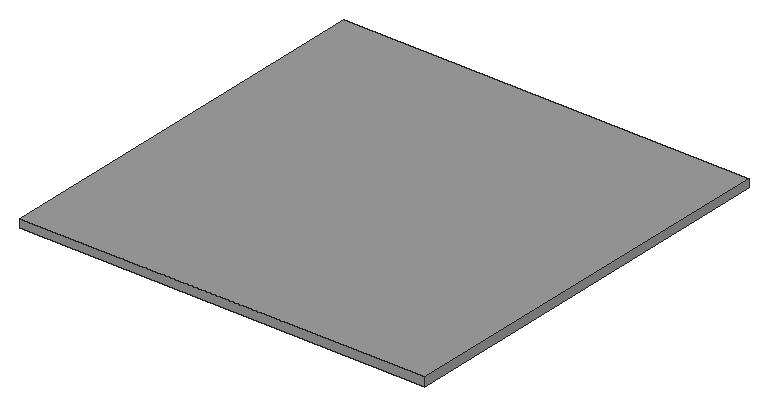
Revit family "WM-MN Suspended Ceiling 85mm Family", category Generic Models, host Ceiling, Revit 2017
Family settings
  Host = Ceiling
  Can host rebar = No
  Round Connector Dimension = Use Diameter
  Part Type = Normal
  Always vertical = Yes
  Cut with Voids When Loaded = No
  Shared = No
  Room Calculation Point = No
Parameters (values of type "Lambdaboard")
  Width = 4000 mm
  URL = "www.rigifoam.com"
  Type Comments = "duncan@rigifoam.com"
  Thermal Resistance = 3.5400 (m²·K)/W
  Thermal Conductivity = 0.0240 W/(m·K)
  Model = "WM/MN Suspended Ceiling 85mm"
  Material = Polyisocyanurate
  Manufacturer = "Lambdaboard"
  Length = 4000 mm
  Description = "Flexible PIR Insulation"
  Depth = 85 mm
  Density = 40.0000 kg/m³
Reference planes
  plane 1 "Center (Front/Back)": y = 0
  plane 2: z = 0
  plane 3 "Center (Left/Right)": x = 0
  plane 4 "Ceiling": z = 4000
Forms (mm)
  Extrusion 1, solid, material "Polyisocyanurate" <- "Material"
    sketch origin (0, 0, 4000) x (0, 1, 0) y (-1, 0, 0)
      loop
        line (2000, 2000) -> (-2000, 2000) -> (-2000, -2000) -> (2000, -2000) -> (2000, 2000)
    from -85 to 0
Dimensions and locks
  equal spacing: host sketch curve, plane 3 "Center (Left/Right)", host sketch curve
  equal spacing: host sketch curve, plane 1 "Center (Front/Back)", host sketch curve
  host sketch curve to host sketch curve = 4000 mm  (x2)
  plane 4 "Ceiling" to host ceiling = 0 mm
  equal spacing: Extrusion 1, plane 3 "Center (Left/Right)", Extrusion 1
  "Length": Extrusion 1 to Extrusion 1
  "Width": Extrusion 1 to Extrusion 1
  "Depth": Extrusion 1 to Extrusion 1
Automatic sketch dimensions
  plane 1 "Center (Front/Back)" to Extrusion 1 sketch curve = 2000 mm
  Extrusion 1 sketch curve to plane 1 "Center (Front/Back)" = 2000 mm
  plane 3 "Center (Left/Right)" to Extrusion 1 sketch curve = 2000 mm
  Extrusion 1 sketch curve to plane 3 "Center (Left/Right)" = 2000 mm
